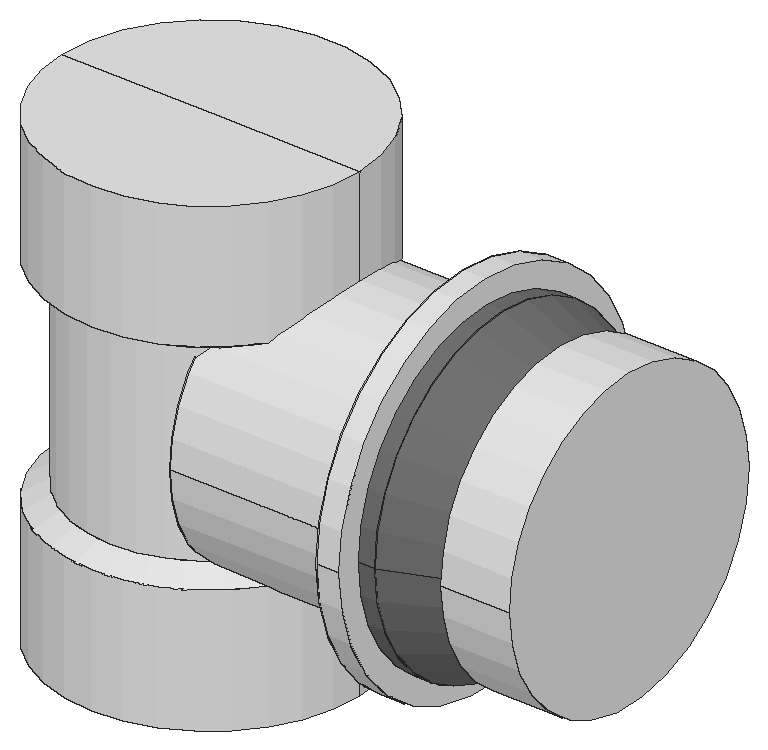
Revit family "VTc.530.N", category Соединительные детали трубопроводов, Revit 2019
Family settings
  Размер круглого соединителя = Использовать диаметр
  Тип детали = Крестовина
  На основе рабочей плоскости = Нет
  Всегда вертикально = Да
  При загрузке вырезать с полостями = Нет
  Общий = Нет
Parameters
  Таблица [instance] = "VTc.530.N"
  Резина [instance] = Резина
  built-in parameter 1114238 [instance] = (empty or 0)
  Изготовитель = "VALTEC"
  Группа модели = "Комплектующие для коллекторов"
  ms [instance] = size_lookup(Таблица, "ms", 0 mm, Du)  # 98 mm
  h3 [instance] = size_lookup(Таблица, "h3", 0 mm, Du)  # 6 mm
  h2 [instance] = size_lookup(Таблица, "h2", 0 mm, Du)  # 14 mm
  h1 [instance] = size_lookup(Таблица, "h1", 0 mm, Du)  # 6 mm
  d4 [instance] = size_lookup(Таблица, "d4", 0 mm, Du)  # 28 mm
  d3 [instance] = size_lookup(Таблица, "d3", 0 mm, Du)  # 32 mm
  d2 [instance] = size_lookup(Таблица, "d2", 0 mm, Du)  # 24 mm
  d1 [instance] = size_lookup(Таблица, "d1", 0 mm, Du)  # 4 mm
  URL = "https://valtec.ru/"
  Du [instance] = 20 mm
  ADSK_Позиция [instance] = ""
  ADSK_Обозначение [instance] = ""
  ADSK_Наименование [instance] = size_lookup(Таблица, "", "Данный типоразмер отсутствует", Du)  # "Тройник коллекторный 3/4\" x 1/2\" x 1/2\""
  ADSK_Материал [instance] = Латунь CW 617N
  ADSK_Масса [instance] = ms / 1000 mm  # 0.098
  ADSK_Код изделия [instance] = size_lookup(Таблица, "Код продукта", "Данный типоразмер отсутствует", Du)  # "VTc.530.N.050404"
  ADSK_Завод-изготовитель [instance] = Изготовитель  # "VALTEC"
  ADSK_Единица измерения [instance] = "шт."  # constant formula
  ADSK_URL страницы изделия [instance] = "https://valtec.ru/catalog/kollektornye_sistemy/komplektuyuschie_dlya_kollektorov/trojnik_kollektornyj_vtc530n.html"
  ADSK_URL документации изделия [instance] = "https://valtec.ru/document/technical/VTc.530-0916.pdf"
Reference planes
  plane 1 "По центру (Вперед/Назад)": y = 0
  plane 2: z = 0
  plane 3 "По центру (Влево/Вправо)": x = 0
  plane 4: x = 6
  plane 5: x = 20
  plane 6: x = 22
  plane 7: x = 24
  plane 8: x = 25.5
  plane 9: x = 30.5
  plane 10: x = 36.5
Forms (mm)
  Revolve 1, solid, material "Латунь CW 617N" <- "ADSK_Материал", detail levels fine
    sketch origin (0, 0, 0) x (1, 0, 0) y (0, 0, 1)
      loop
        line (-13, 20.5) -> (-13, 9.5) -> (-11, 8.345) -> (-11, -8.345) -> (-13, -9.5) -> (-13, -20.5) -> (0, -20.5) -> (0, 20.5) -> (-13, 20.5)
      axis (0, 20.5) -> (0, -20.5)
    angle from 0 to 360
  Blend 2, solid, material "Латунь CW 617N" <- "ADSK_Материал", detail levels fine
    base sketch origin (0, 0, 0) x (0, 1, 0) y (0, 0, 1)
      loop
        circle (0, 0) r 2
    top sketch origin (0, 0, 0) x (0, 1, 0) y (0, 0, 1)
      loop
        circle (0, 0) r 12
    from 0 to 6
  Extrusion 3, solid, material "Латунь CW 617N" <- "ADSK_Материал", detail levels fine
    sketch origin (0, 0, 0) x (0, 1, 0) y (0, 0, 1)
      loop
        circle (0, 0) r 12
    from 6 to 20
  Blend 4, solid, material "Латунь CW 617N" <- "ADSK_Материал", detail levels fine
    base sketch origin (0, 0, 0) x (0, 1, 0) y (0, 0, 1)
      loop
        circle (0, 0) r 12
    top sketch origin (0, 0, 0) x (0, 1, 0) y (0, 0, 1)
      loop
        circle (0, 0) r 16
    from 20 to 22
  Extrusion 5, solid, material "Латунь CW 617N" <- "ADSK_Материал", detail levels fine
    sketch origin (0, 0, 0) x (0, 1, 0) y (0, 0, 1)
      loop
        circle (0, 0) r 16
    from 22 to 24
  Extrusion 6, solid, material "Резина" <- "Резина", detail levels fine
    sketch origin (0, 0, 0) x (0, 1, 0) y (0, 0, 1)
      loop
        circle (0, 0) r 14
    from 24 to 25.5
  Blend 7, solid, material "Резина" <- "Резина", detail levels fine
    base sketch origin (0, 0, 0) x (0, 1, 0) y (0, 0, 1)
      loop
        circle (0, 0) r 14
    top sketch origin (0, 0, 0) x (0, 1, 0) y (0, 0, 1)
      loop
        circle (0, 0) r 12
    from 25.5 to 30.5
  Extrusion 8, solid, material "Латунь CW 617N" <- "ADSK_Материал", detail levels fine
    sketch origin (0, 0, 0) x (0, 1, 0) y (0, 0, 1)
      loop
        circle (0, 0) r 13
    from 30.5 to 36.5
Dimensions and locks
  equal spacing: Revolve 1 sketch curve, level, Revolve 1 sketch curve
  locked: Revolve 1 sketch curve to Revolve 1 sketch curve at 41
  locked: Revolve 1 sketch curve to plane 3 "По центру (Влево/Вправо)" at 13  (x2)
  locked: Revolve 1 sketch curve to plane 3 "По центру (Влево/Вправо)" at 11
  locked: Revolve 1 sketch curve to Revolve 1 sketch curve at 11  (x2)
  "h1": plane 3 "По центру (Влево/Вправо)" to plane 4
  "h2": plane 4 to plane 5
  locked: plane 5 to plane 6 at 2
  locked: plane 6 to plane 7 at 2
  locked: plane 7 to plane 8 at 1.5
  locked: plane 8 to plane 9 at 5
  "h3": plane 9 to plane 10
  "d1": diameter of Blend 2 sketch curve
  "d2": diameter of Blend 2 sketch curve
  "d2": diameter of Extrusion 3 sketch curve
  "d2": diameter of Blend 4 sketch curve
  "d3": diameter of Blend 4 sketch curve
  "d3": diameter of Extrusion 5 sketch curve
  "d4": diameter of Extrusion 6 sketch curve
  "d4": diameter of Blend 7 sketch curve
  diameter of Blend 7 sketch curve = 24 mm
  diameter of Extrusion 8 sketch curve = 26 mm
  locked: Revolve 1 sketch curve to Revolve 1 sketch curve (angle 60.00°)  (x2)
  aligned and locked: level to plane 2
  aligned and locked: Revolve 1 sketch curve to plane 3 "По центру (Влево/Вправо)"
  aligned and locked: plane 1 "По центру (Вперед/Назад)" to Blend 2 sketch curve  (x2)
  aligned and locked: level to Blend 2 sketch curve  (x2)
  aligned and locked: plane 4 to Blend 2
  aligned and locked: plane 1 "По центру (Вперед/Назад)" to Extrusion 3 sketch curve
  aligned and locked: level to Extrusion 3 sketch curve
  aligned and locked: Extrusion 3 to plane 4
  aligned and locked: plane 5 to Extrusion 3
  aligned and locked: plane 1 "По центру (Вперед/Назад)" to Blend 4 sketch curve  (x2)
  aligned and locked: level to Blend 4 sketch curve  (x2)
  aligned and locked: Blend 4 to plane 5
  aligned and locked: plane 6 to Blend 4
  aligned and locked: Extrusion 5 to plane 6
  aligned and locked: plane 7 to Extrusion 5
  aligned and locked: plane 1 "По центру (Вперед/Назад)" to Extrusion 6 sketch curve
  aligned and locked: level to Extrusion 6 sketch curve
  aligned and locked: Extrusion 6 to plane 7
  aligned and locked: plane 8 to Extrusion 6
  aligned and locked: plane 1 "По центру (Вперед/Назад)" to Blend 7 sketch curve  (x2)
  aligned and locked: level to Blend 7 sketch curve  (x2)
  aligned and locked: Blend 7 to plane 8
  aligned and locked: plane 9 to Blend 7
  aligned and locked: plane 1 "По центру (Вперед/Назад)" to Extrusion 8 sketch curve
  aligned and locked: level to Extrusion 8 sketch curve
  aligned and locked: Extrusion 8 to plane 9
  aligned and locked: plane 10 to Extrusion 8
Automatic sketch dimensions
  Revolve 1 sketch curve to plane 3 "По центру (Влево/Вправо)" = 0 mm
  Revolve 1 sketch curve to Revolve 1 sketch curve = 345.545 mm
  Revolve 1 sketch curve to Revolve 1 sketch curve = 2193.815 mm
  Extrusion 5 sketch curve to level = 0 mm
  Extrusion 5 sketch curve to plane 1 "По центру (Вперед/Назад)" = 0 mm
Nested families
  nested 1: "Анатация-530" at (11.755, 0, 0), type "Анатация-530", detail levels coarse+medium
Connectors
  piping at (0, 0, 20.5), diameter 15
    settings: on Revolve 1, index 1, connector inside diameter 609.6 mm, connector length 0 mm, flow factor 0, pipe flow 0.0 L/s, pressure drop 0.0 Pa, fitting loss kfactor 0, connector angle 0.00°, fixture units 0, engagement length 0 mm, angle of deflection 0.00°, flow configuration 0, flow direction 0, fitting loss method 0, system type 28, joint type 0, gender type 0, connector reference index -1, connector utility 0, adjustable connector no, is connector primary yes, connector description ""
  piping at (0, 0, -20.5), diameter 15
    settings: on Revolve 1, index 2, connector inside diameter 609.6 mm, connector length 0 mm, flow factor 0, pipe flow 0.0 L/s, pressure drop 0.0 Pa, fitting loss kfactor 0, connector angle 0.00°, fixture units 0, engagement length 0 mm, angle of deflection 0.00°, flow configuration 0, flow direction 0, fitting loss method 0, system type 28, joint type 0, gender type 0, connector reference index -1, connector utility 0, adjustable connector no, is connector primary no, connector description ""
  piping at (24, 0, 0), diameter 20, driven by "Du"
    settings: on Extrusion 6, index 3, connector inside diameter 609.6 mm, connector length 0 mm, flow factor 0, pipe flow 0.0 L/s, pressure drop 0.0 Pa, fitting loss kfactor 0, connector angle 0.00°, fixture units 0, engagement length 0 mm, angle of deflection 0.00°, flow configuration 0, flow direction 0, fitting loss method 0, system type 7, joint type 0, gender type 0, connector reference index -1, connector utility 0, adjustable connector no, is connector primary no, connector description ""
Definition of nested family "Анатация-530"
  Reference planes
    plane 1: y = 0
    plane 2: x = 0
  Lines and regions (mm)
    detail lines
      curve 1: line (-24.75, 0, 0) -> (24.75, 0, 0)
